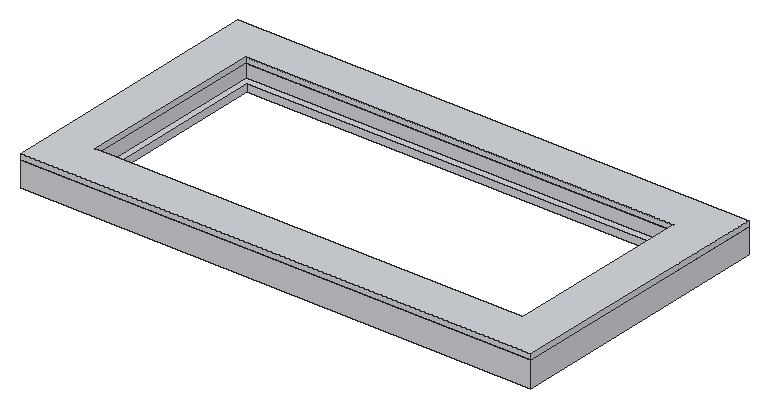
Revit family "Gira_100223", category Electrical Fixtures, host Face, Revit 2017
Family settings
  Host = Face
  Maintain Annotation Orientation = No
  Round Connector Dimension = Use Diameter
  Part Type = Normal
  Cut with Voids When Loaded = No
  Shared = No
  Room Calculation Point = No
Parameters (values of type "Abdeckrahmen 2f o.M. Gira E2 Anthrazit")
  Werkstoffgüte = "Thermoplast"
  Werkstoff = "Kunststoff"
  URL = "http://katalog.gira.de/de_DE/datenblatt.html?artikelnr=100223"
  Transparent = "No"
  Textfeld/Beschriftungsfläche = "No"
  Schutzart (IP) = "IP20"
  Region = "DE"
  Oberfläche = "sonstige"
  Name = "Abdeckrahmen 2f o.M. Gira E2 Anthrazit"
  Montagerichtung = "horizontal und vertikal"
  Mit Montagerahmen = "No"
  Mit Klappdeckel = "No"
  Manufacturer URL = "https://www.gira.de/"
  Keynote = "E2_Rahmen_2fach o.Mittelsteg"
  HeinzeBIM = "https://bimportal.heinze.de/bim/abdeckrahmen-2f-o-m-gira-e2-anthrazit/765c5497f30e646f84aa06d95bb6c1fb72a8b90e"
  Halogenfrei = "Yes"
  HAN = "100223"
  Geeignet für Unterputz-Installation = "Yes"
  Geeignet für Unterflurkanaldose = "No"
  Geeignet für Geräteeinbaukanal = "No"
  Geeignet für Einbauinstallation = "No"
  GTIN = "4010337002239"
  Farbe = "anthrazit"
  Default Elevation = 1219.2 mm
  Data sheet (1) = "https://katalog.gira.de/de_DE/download.html?artikelnr=100223"
  Category = "Abdeckrahmen"
  Befestigungsart = "Klemmbefestigung"
  Available = "Yes"
  Anzahl der Einheiten vertikal = "2 "
  Anzahl der Einheiten horizontal = "2 "
  Anzahl der Einheiten = "2 "
Reference planes
  plane 1 "Center (Front/Back)": y = 0
  plane 2: z = 0
  plane 3 "Center (Left/Right)": x = 0
Forms (mm)
  Extrusion 1, solid, detail levels fine
    sketch origin (0, 0, 0) x (1, 0, 0) y (0, 1, 0)
      loop
        line (-75.95, 40.4) -> (-75.95, -40.4) -> (75.95, -40.4) -> (75.95, 40.4) -> (-75.95, 40.4)
      loop
        line (-63.602, -28.052) -> (63.602, -28.052) -> (63.602, 28.052) -> (-63.602, 28.052) -> (-63.602, -28.052)
    from 7.7 to 9.3
  Extrusion 2, solid, detail levels fine
    sketch origin (0, 0, 0) x (1, 0, 0) y (0, 1, 0)
      loop
        line (-75.95, 40.4) -> (-75.95, -40.4) -> (75.95, -40.4) -> (75.95, 40.4) -> (-75.95, 40.4)
      loop
        line (-74.148, -38.598) -> (74.148, -38.598) -> (74.148, 38.598) -> (-74.148, 38.598) -> (-74.148, -38.598)
    from 0 to 7.7
  Extrusion 3, solid, detail levels fine
    sketch origin (0, 0, 0) x (1, 0, 0) y (0, 1, 0)
      loop
        line (-61.45, -25.7) -> (61.451, -25.7) -> (61.451, 25.701) -> (-61.45, 25.701) -> (-61.45, -25.7)
      loop
        line (-63.602, 28.052) -> (-63.602, -28.052) -> (63.602, -28.052) -> (63.602, 28.052) -> (-63.602, 28.052)
    from 1.8 to 3.8
  Extrusion 4, solid, detail levels fine
    sketch origin (0, 0, 0) x (1, 0, 0) y (0, 1, 0)
      loop
        line (-63.602, -28.052) -> (63.602, -28.052) -> (63.602, 28.052) -> (-63.602, 28.052) -> (-63.602, -28.052)
      loop
        spline (65.089, 27.539) -> (65.072, 27.8) -> (65.021, 28.057) -> (64.937, 28.305) -> (64.821, 28.539) -> (64.676, 28.757) -> (64.504, 28.954) -> (64.307, 29.126) -> (64.089, 29.271) -> (63.855, 29.387) -> (63.607, 29.471) -> (63.35, 29.522) -> (63.089, 29.539)
        line (63.089, 29.539) -> (-63.089, 29.539)
        spline (-63.089, 29.539) -> (-63.35, 29.522) -> (-63.607, 29.471) -> (-63.855, 29.387) -> (-64.089, 29.271) -> (-64.307, 29.126) -> (-64.504, 28.954) -> (-64.676, 28.757) -> (-64.821, 28.539) -> (-64.937, 28.305) -> (-65.021, 28.057) -> (-65.072, 27.8) -> (-65.089, 27.539)
        line (-65.089, 27.539) -> (-65.089, -27.539)
        spline (-65.089, -27.539) -> (-65.072, -27.8) -> (-65.021, -28.057) -> (-64.937, -28.305) -> (-64.821, -28.539) -> (-64.676, -28.757) -> (-64.504, -28.954) -> (-64.307, -29.126) -> (-64.089, -29.271) -> (-63.855, -29.387) -> (-63.607, -29.471) -> (-63.35, -29.522) -> (-63.089, -29.539)
        line (-63.089, -29.539) -> (63.089, -29.539)
        spline (63.089, -29.539) -> (63.35, -29.522) -> (63.607, -29.471) -> (63.855, -29.387) -> (64.089, -29.271) -> (64.307, -29.126) -> (64.504, -28.954) -> (64.676, -28.757) -> (64.821, -28.539) -> (64.937, -28.305) -> (65.021, -28.057) -> (65.072, -27.8) -> (65.089, -27.539)
        line (65.089, -27.539) -> (65.089, 27.539)
    from 1.8 to 7.7
  Extrusion 5, solid, detail levels coarse+medium
    sketch origin (0, 0, 0) x (1, 0, 0) y (0, 1, 0)
      loop
        line (-75.95, 40.4) -> (-75.95, -40.4) -> (75.95, -40.4) -> (75.95, 40.4) -> (-75.95, 40.4)
    from 0 to 9.3
Dimensions and locks
  aligned and locked: plane 2 to host face
  aligned and locked: level to host face
